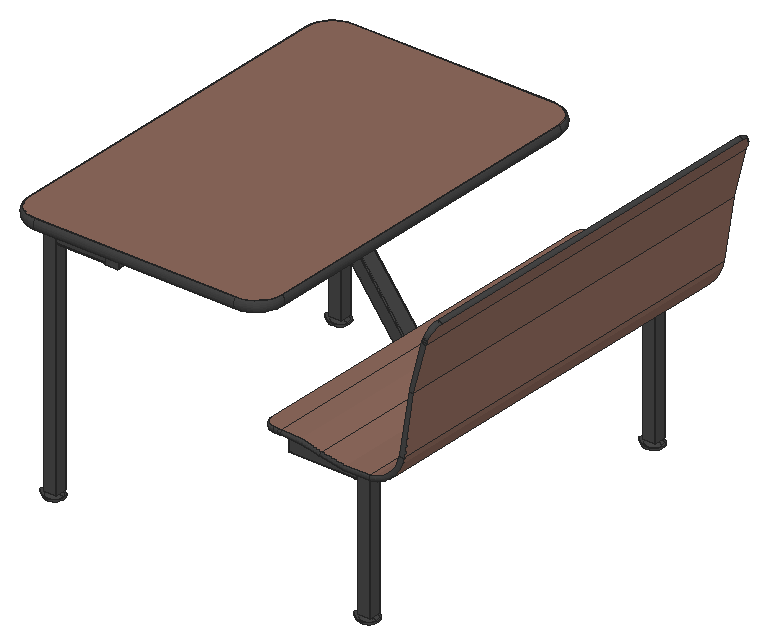
Revit family "Plymold-Contour-ADA_Island_Unit", category Furniture, Revit 2022
Family settings
  OmniClass Number = 23.40.20.00
  OmniClass Title = General Furniture and Specialties
  Work Plane-Based = No
  Always vertical = Yes
  Cut with Voids When Loaded = No
  Render Appearance Source = Family Geometry
  Shared = No
  Room Calculation Point = No
Parameters (values of type "CBIS047VEADA")
  Width = 47"
  VE = yes
  URL = "https://plymold.com/"
  Type Comments = "Contour"  # constant formula
  Top Finish = PLY - Wood Mahogany
  TPD = no
  Sustainability = ""
  Support Finish = PLY - Onyx Black Powdercoat
  Seat Finish = PLY - Wood Mahogany
  Revit File Built By = "https://servex-us.com/servex-revit/"
  Product Documentation Link = "https://plymold.com/product/contour-ada-island-unit/"
  PVC = no
  Model = "CBIS047VEADA"
  Manufacturer = "Plymold"  # constant formula
  Keynote = "12500"  # constant formula
  Height = 36"
  Glide Finish = PLY - Plastic Black
  Frame Finish = PLY - Onyx Black Powdercoat
  Edge Finish = PLY - Plastic Black
  Description = "Contour Booth Unit w/Vinyl Edge Table Top - 47\"W x 50\"D x 36\"H"
  Depth = 50"
  Default Elevation = 0"
  DE = no
  Cap Finish = PLY - Plastic Black
  Assembly Code = "E2020200"
Reference planes (in)
  plane 1 "Center Front/Back": y = 0
  plane 2: z = 0
  plane 3 "Center Left/Right": x = 0
  plane 4: y = 23.5
  plane 5: y = -23.5
  plane 6: x = 50
  plane 7: x = 25
  plane 8: z = 30
  plane 9: z = 0.575
  plane 10: z = 28.75
  plane 11: z = 28.5
  plane 12: y = 21.75
  plane 13: y = -21.75
  plane 14: y = 8
  plane 15: y = -8
  plane 16: y = -10.5
  plane 17: y = 10.5
  plane 18: x = 31.662
  plane 19: y = -0.623
  plane 20: y = -0.75
  plane 21: z = 36
  plane 22: x = 31.592
  plane 23: y = -21.82
  plane 24: y = 21.82
Forms (in)
  Extrusion 1, solid, material "PLY - Onyx Black Powdercoat" <- "Frame Finish"
    sketch origin (0, 0, 0) x (1, 0, 0) y (0, 1, 0)
      loop
        arc (2.9365, 21.625) -> (2.89301, 21.60699) -> (2.875, 21.5635) r 0.0615
        line (2.875, 21.5635) -> (2.875, 20.18664)
        arc (2.875, 20.18664) -> (2.89305, 20.14305) -> (2.93664, 20.125) r 0.06164
        line (2.93664, 20.125) -> (4.31266, 20.125)
        arc (4.31266, 20.125) -> (4.35674, 20.14326) -> (4.375, 20.18734) r 0.06234
        line (4.375, 20.18734) -> (4.375, 21.56329)
        arc (4.375, 21.56329) -> (4.35693, 21.60693) -> (4.31329, 21.625) r 0.06171
        line (4.31329, 21.625) -> (2.9365, 21.625)
      loop
        line (2.9365, -21.625) -> (4.31329, -21.625)
        arc (4.31329, -21.625) -> (4.35693, -21.60693) -> (4.375, -21.56329) r 0.06171
        line (4.375, -21.56329) -> (4.375, -20.18734)
        arc (4.375, -20.18734) -> (4.35674, -20.14326) -> (4.31266, -20.125) r 0.06234
        line (4.31266, -20.125) -> (2.93664, -20.125)
        arc (2.93664, -20.125) -> (2.89305, -20.14305) -> (2.875, -20.18664) r 0.06164
        line (2.875, -20.18664) -> (2.875, -21.5635)
        arc (2.875, -21.5635) -> (2.89301, -21.60699) -> (2.9365, -21.625) r 0.0615
    from 0.575 to 28.5
  Extrusion 2, solid, material "PLY - Onyx Black Powdercoat" <- "Frame Finish"
    sketch origin (0, 0, 0) x (1, 0, 0) y (0, 1, 0)
      loop
        line (2.125, 18.375) -> (5.125, 18.375)
        arc (5.125, 18.375) -> (5.21339, 18.41161) -> (5.25, 18.5) r 0.125
        line (5.25, 18.5) -> (5.25, 21.5)
        arc (5.25, 21.5) -> (5.21339, 21.58839) -> (5.125, 21.625) r 0.125
        line (5.125, 21.625) -> (2.125, 21.625)
        arc (2.125, 21.625) -> (2.03661, 21.58839) -> (2, 21.5) r 0.125
        line (2, 21.5) -> (2, 18.5)
        arc (2, 18.5) -> (2.03661, 18.41161) -> (2.125, 18.375) r 0.125
      loop
        arc (2.125, -18.375) -> (2.03661, -18.41161) -> (2, -18.5) r 0.125
        line (2, -18.5) -> (2, -21.5)
        arc (2, -21.5) -> (2.03661, -21.58839) -> (2.125, -21.625) r 0.125
        line (2.125, -21.625) -> (5.125, -21.625)
        arc (5.125, -21.625) -> (5.21339, -21.58839) -> (5.25, -21.5) r 0.125
        line (5.25, -21.5) -> (5.25, -18.5)
        arc (5.25, -18.5) -> (5.21339, -18.41161) -> (5.125, -18.375) r 0.125
        line (5.125, -18.375) -> (2.125, -18.375)
    from 28.5 to 28.75
  Extrusion 3, solid, material "PLY - Onyx Black Powdercoat" <- "Frame Finish"
    sketch origin (0, 0, 0) x (1, 0, 0) y (0, 0, 1)
      loop
        arc (10.43626, 28.5) -> (10.39294, 28.48206) -> (10.375, 28.43874) r 0.06126
        line (10.375, 28.43874) -> (10.375, 27.06264)
        arc (10.375, 27.06264) -> (10.39335, 27.01835) -> (10.43764, 27) r 0.06264
        line (10.43764, 27) -> (11.81425, 27)
        arc (11.81425, 27) -> (11.85721, 27.01779) -> (11.875, 27.06075) r 0.06075
        line (11.875, 27.06075) -> (11.875, 28.43746)
        arc (11.875, 28.43746) -> (11.85668, 28.48168) -> (11.81246, 28.5) r 0.06254
        line (11.81246, 28.5) -> (10.43626, 28.5)
    from -21.75 to 21.75
  Extrusion 4, solid, material "PLY - Onyx Black Powdercoat" <- "Frame Finish"
    sketch origin (0, 0, 0) x (1, 0, 0) y (0, 0, 1)
      loop
        line (13.5095, 27.6345) -> (13.5095, 26.1345) -> (13.6365, 26.1345) -> (13.6365, 27.6345) -> (13.5095, 27.6345)
      loop
        line (19.3825, 27.6345) -> (19.3825, 26.1345) -> (19.5095, 26.1345) -> (19.5095, 27.6345) -> (19.3825, 27.6345)
    from -8 to 8
  Extrusion 5, solid, material "PLY - Onyx Black Powdercoat" <- "Frame Finish"
    sketch origin (0, 0, 0) x (1, 0, 0) y (0, 0, 1)
      loop
        line (19.5095, 26.1345) -> (19.644, 26.1345) -> (19.644, 28.35)
        arc (19.644, 28.35) -> (19.68793, 28.45607) -> (19.794, 28.5) r 0.15
        line (19.794, 28.5) -> (23.7295, 28.5) -> (23.7295, 28.6345) -> (19.794, 28.6345)
        arc (19.794, 28.6345) -> (19.59283, 28.55117) -> (19.5095, 28.35) r 0.2845
        line (19.5095, 28.35) -> (19.5095, 26.1345)
      loop
        line (13.5095, 26.1345) -> (13.5095, 28.35)
        arc (13.5095, 28.35) -> (13.42617, 28.55117) -> (13.225, 28.6345) r 0.2845
        line (13.225, 28.6345) -> (9.2895, 28.6345) -> (9.2895, 28.5) -> (13.225, 28.5)
        arc (13.225, 28.5) -> (13.33107, 28.45607) -> (13.375, 28.35) r 0.15
        line (13.375, 28.35) -> (13.375, 26.1345) -> (13.5095, 26.1345)
    from -10.5 to 10.5
  Extrusion 6, void
    sketch origin (0, 0, 0) x (0, 1, 0) y (0, 0, 1)
      loop
        arc (7.8661, 26.26293) -> (7.71072, 26.16771) -> (7.53154, 26.1345) r 0.5
        line (7.53154, 26.1345) -> (10.5, 26.1345) -> (10.5, 28.6345) -> (7.8661, 26.26293)
      loop
        line (-7.8661, 26.26293) -> (-10.5, 28.6345) -> (-10.5, 26.1345) -> (-7.53154, 26.1345)
        arc (-7.53154, 26.1345) -> (-7.71072, 26.16771) -> (-7.8661, 26.26293) r 0.5
    from 9.2895 to 23.7295
  Extrusion 7, solid, material "PLY - Onyx Black Powdercoat" <- "Frame Finish"
    sketch origin (0, 0, 0) x (0, 1, 0) y (0, 0, 1)
      loop
        line (6.0625, 27.6345) -> (4.9375, 27.6345)
        arc (4.9375, 27.6345) -> (4.80492, 27.57958) -> (4.75, 27.447) r 0.1875
        line (4.75, 27.447) -> (4.75, 26.322)
        arc (4.75, 26.322) -> (4.80492, 26.18942) -> (4.9375, 26.1345) r 0.1875
        line (4.9375, 26.1345) -> (6.0625, 26.1345)
        arc (6.0625, 26.1345) -> (6.19508, 26.18942) -> (6.25, 26.322) r 0.1875
        line (6.25, 26.322) -> (6.25, 27.447)
        arc (6.25, 27.447) -> (6.19508, 27.57958) -> (6.0625, 27.6345) r 0.1875
      loop
        arc (-6.0625, 27.6345) -> (-6.19508, 27.57958) -> (-6.25, 27.447) r 0.1875
        line (-6.25, 27.447) -> (-6.25, 26.322)
        arc (-6.25, 26.322) -> (-6.19508, 26.18942) -> (-6.0625, 26.1345) r 0.1875
        line (-6.0625, 26.1345) -> (-4.9375, 26.1345)
        arc (-4.9375, 26.1345) -> (-4.80492, 26.18942) -> (-4.75, 26.322) r 0.1875
        line (-4.75, 26.322) -> (-4.75, 27.447)
        arc (-4.75, 27.447) -> (-4.80492, 27.57958) -> (-4.9375, 27.6345) r 0.1875
        line (-4.9375, 27.6345) -> (-6.0625, 27.6345)
    from 13.6365 to 19.3825
  Sweep 8, solid, material "PLY - Onyx Black Powdercoat" <- "Frame Finish"
    path origin (0, 0, 0) x (1, 0, 0) y (0, 0, 1)
      loop
        line (17.58431, 28.75) -> (28.162, 14.71293) -> (39.662, 14.71293)
    profile origin (33.912, 0, 14.71293) x (0, 0, 1) y (0, -1, 0)
      loop
        line (0, 0.93443) -> (0, -0.93443)
        arc (0, -0.93443) -> (0.01931, -0.98105) -> (0.06594, -1.00035) r 0.06592
        line (0.06594, -1.00035) -> (1.4346, -1)
        arc (1.4346, -1) -> (1.48085, -0.98083) -> (1.5, -0.93458) r 0.06542
        line (1.5, -0.93458) -> (1.5, 0.93458)
        arc (1.5, 0.93458) -> (1.481, 0.98045) -> (1.43513, 0.99945) r 0.06487
        line (1.43513, 0.99945) -> (0.06502, 0.99945)
        arc (0.06502, 0.99945) -> (0.01904, 0.9804) -> (0, 0.93443) r 0.06502
  Extrusion 9, void
    sketch origin (0, 0, 0) x (1, 0, 0) y (0, 0, 1)
      loop
        line (19.62838, 26.1345) -> (19.62838, 30) -> (17.26721, 30) -> (17.26721, 26.1345) -> (19.62838, 26.1345)
    from -8 to 8
  Extrusion 10, solid, material "PLY - Onyx Black Powdercoat" <- "Frame Finish"
    sketch origin (0, 0, 0) x (1, 0, 0) y (0, 1, 0)
      loop
        arc (39.72794, 21.625) -> (39.68131, 21.60569) -> (39.662, 21.55906) r 0.06594
        line (39.662, 21.55906) -> (39.662, 20.19115)
        arc (39.662, 20.19115) -> (39.68137, 20.14437) -> (39.72815, 20.125) r 0.06615
        line (39.72815, 20.125) -> (41.09678, 20.125)
        arc (41.09678, 20.125) -> (41.1429, 20.1441) -> (41.162, 20.19022) r 0.06522
        line (41.162, 20.19022) -> (41.162, 21.56125)
        arc (41.162, 21.56125) -> (41.14333, 21.60633) -> (41.09825, 21.625) r 0.06375
        line (41.09825, 21.625) -> (39.72794, 21.625)
      loop
        line (39.72794, -21.625) -> (41.09825, -21.625)
        arc (41.09825, -21.625) -> (41.14333, -21.60633) -> (41.162, -21.56125) r 0.06375
        line (41.162, -21.56125) -> (41.162, -20.19022)
        arc (41.162, -20.19022) -> (41.1429, -20.1441) -> (41.09678, -20.125) r 0.06522
        line (41.09678, -20.125) -> (39.72815, -20.125)
        arc (39.72815, -20.125) -> (39.68137, -20.14437) -> (39.662, -20.19115) r 0.06615
        line (39.662, -20.19115) -> (39.662, -21.55906)
        arc (39.662, -21.55906) -> (39.68131, -21.60569) -> (39.72794, -21.625) r 0.06594
    from 0.575 to 16.21293
  Extrusion 11, solid, material "PLY - Onyx Black Powdercoat" <- "Frame Finish"
    sketch origin (0, 0, 0) x (1, 0, 0) y (0, 0, 1)
      loop
        arc (39.72837, 16.21293) -> (39.68144, 16.19349) -> (39.662, 16.14655) r 0.06637
        line (39.662, 16.14655) -> (39.662, 14.77758)
        arc (39.662, 14.77758) -> (39.68094, 14.73186) -> (39.72665, 14.71293) r 0.06465
        line (39.72665, 14.71293) -> (41.09532, 14.71293)
        arc (41.09532, 14.71293) -> (41.14247, 14.73246) -> (41.162, 14.77961) r 0.06668
        line (41.162, 14.77961) -> (41.162, 16.14745)
        arc (41.162, 16.14745) -> (41.14282, 16.19375) -> (41.09653, 16.21293) r 0.06547
        line (41.09653, 16.21293) -> (39.72837, 16.21293)
      loop
        arc (32.04087, 16.21293) -> (31.99394, 16.19349) -> (31.9745, 16.14655) r 0.06637
        line (31.9745, 16.14655) -> (31.9745, 14.77758)
        arc (31.9745, 14.77758) -> (31.99344, 14.73186) -> (32.03915, 14.71293) r 0.06465
        line (32.03915, 14.71293) -> (33.40782, 14.71293)
        arc (33.40782, 14.71293) -> (33.45497, 14.73246) -> (33.4745, 14.77961) r 0.06668
        line (33.4745, 14.77961) -> (33.4745, 16.14745)
        arc (33.4745, 16.14745) -> (33.45532, 16.19375) -> (33.40903, 16.21293) r 0.06547
        line (33.40903, 16.21293) -> (32.04087, 16.21293)
    from -20.125 to 20.125
  Extrusion 12, solid, material "PLY - Onyx Black Powdercoat" <- "Frame Finish"
    sketch origin (0, 0, 0) x (0, 1, 0) y (0, 0, 1)
      loop
        line (21.55941, 16.21293) -> (20.19036, 16.21293)
        arc (20.19036, 16.21293) -> (20.14414, 16.19379) -> (20.125, 16.14757) r 0.06536
        line (20.125, 16.14757) -> (20.125, 14.77807)
        arc (20.125, 14.77807) -> (20.14408, 14.73201) -> (20.19014, 14.71293) r 0.06514
        line (20.19014, 14.71293) -> (21.55883, 14.71293)
        arc (21.55883, 14.71293) -> (21.60562, 14.73231) -> (21.625, 14.7791) r 0.06617
        line (21.625, 14.7791) -> (21.625, 16.14734)
        arc (21.625, 16.14734) -> (21.60579, 16.19372) -> (21.55941, 16.21293) r 0.06559
      loop
        arc (-21.55941, 16.21293) -> (-21.60579, 16.19372) -> (-21.625, 16.14734) r 0.06559
        line (-21.625, 16.14734) -> (-21.625, 14.7791)
        arc (-21.625, 14.7791) -> (-21.60562, 14.73231) -> (-21.55883, 14.71293) r 0.06617
        line (-21.55883, 14.71293) -> (-20.19014, 14.71293)
        arc (-20.19014, 14.71293) -> (-20.14408, 14.73201) -> (-20.125, 14.77807) r 0.06514
        line (-20.125, 14.77807) -> (-20.125, 16.14757)
        arc (-20.125, 16.14757) -> (-20.14414, 16.19379) -> (-20.19036, 16.21293) r 0.06536
        line (-20.19036, 16.21293) -> (-21.55941, 16.21293)
    from 31.662 to 39.662
  Extrusion 13, solid, material "PLY - Onyx Black Powdercoat" <- "Frame Finish"
    sketch origin (0, 0, 0) x (0, 1, 0) y (0, 0, 1)
      loop
        arc (20.1875, 28.5) -> (20.14331, 28.48169) -> (20.125, 28.4375) r 0.0625
        line (20.125, 28.4375) -> (20.125, 27.0625)
        arc (20.125, 27.0625) -> (20.14331, 27.01831) -> (20.1875, 27) r 0.0625
        line (20.1875, 27) -> (21.5625, 27)
        arc (21.5625, 27) -> (21.60669, 27.01831) -> (21.625, 27.0625) r 0.0625
        line (21.625, 27.0625) -> (21.625, 28.4375)
        arc (21.625, 28.4375) -> (21.60669, 28.48169) -> (21.5625, 28.5) r 0.0625
        line (21.5625, 28.5) -> (20.1875, 28.5)
      loop
        line (-20.1875, 28.5) -> (-21.5625, 28.5)
        arc (-21.5625, 28.5) -> (-21.60669, 28.48169) -> (-21.625, 28.4375) r 0.0625
        line (-21.625, 28.4375) -> (-21.625, 27.0625)
        arc (-21.625, 27.0625) -> (-21.60669, 27.01831) -> (-21.5625, 27) r 0.0625
        line (-21.5625, 27) -> (-20.1875, 27)
        arc (-20.1875, 27) -> (-20.14331, 27.01831) -> (-20.125, 27.0625) r 0.0625
        line (-20.125, 27.0625) -> (-20.125, 28.4375)
        arc (-20.125, 28.4375) -> (-20.14331, 28.48169) -> (-20.1875, 28.5) r 0.0625
    from 4.375 to 10.375
  Extrusion 14, solid, material "PLY - Onyx Black Powdercoat" <- "Frame Finish"
    sketch origin (0, 0, 0) x (1, 0, 0) y (0, 0, 1)
      loop
        line (21.36768, 26.22176) -> (21.36768, 28.5) -> (19.6509, 28.5) -> (21.36768, 26.22176)
    from 0.623 to 0.75
  Extrusion 15, solid, material "PLY - Plastic Black" <- "Cap Finish"
    sketch origin (0, 0, 0) x (0, 1, 0) y (0, 0, 1)
      loop
        line (21.525, 16.21293) -> (20.225, 16.21293)
        arc (20.225, 16.21293) -> (20.15429, 16.18364) -> (20.125, 16.11293) r 0.1
        line (20.125, 16.11293) -> (20.125, 14.81293)
        arc (20.125, 14.81293) -> (20.15429, 14.74222) -> (20.225, 14.71293) r 0.1
        line (20.225, 14.71293) -> (21.525, 14.71293)
        arc (21.525, 14.71293) -> (21.59571, 14.74222) -> (21.625, 14.81293) r 0.1
        line (21.625, 14.81293) -> (21.625, 16.11293)
        arc (21.625, 16.11293) -> (21.59571, 16.18364) -> (21.525, 16.21293) r 0.1
      loop
        arc (-21.525, 16.21293) -> (-21.59571, 16.18364) -> (-21.625, 16.11293) r 0.1
        line (-21.625, 16.11293) -> (-21.625, 14.81293)
        arc (-21.625, 14.81293) -> (-21.59571, 14.74222) -> (-21.525, 14.71293) r 0.1
        line (-21.525, 14.71293) -> (-20.225, 14.71293)
        arc (-20.225, 14.71293) -> (-20.15429, 14.74222) -> (-20.125, 14.81293) r 0.1
        line (-20.125, 14.81293) -> (-20.125, 16.11293)
        arc (-20.125, 16.11293) -> (-20.15429, 16.18364) -> (-20.225, 16.21293) r 0.1
        line (-20.225, 16.21293) -> (-21.525, 16.21293)
    from 31.592 to 31.662
  Extrusion 16, solid, material "PLY - Plastic Black" <- "Cap Finish"
    sketch origin (0, 0, 0) x (1, 0, 0) y (0, 0, 1)
      loop
        arc (10.475, 28.5) -> (10.40429, 28.47071) -> (10.375, 28.4) r 0.1
        line (10.375, 28.4) -> (10.375, 27.1)
        arc (10.375, 27.1) -> (10.40429, 27.02929) -> (10.475, 27) r 0.1
        line (10.475, 27) -> (11.775, 27)
        arc (11.775, 27) -> (11.84571, 27.02929) -> (11.875, 27.1) r 0.1
        line (11.875, 27.1) -> (11.875, 28.4)
        arc (11.875, 28.4) -> (11.84571, 28.47071) -> (11.775, 28.5) r 0.1
        line (11.775, 28.5) -> (10.475, 28.5)
    from 21.82 to 21.75
  Extrusion 17, solid, material "PLY - Plastic Black" <- "Cap Finish"
    sketch origin (0, 0, 0) x (1, 0, 0) y (0, 0, -1)
      loop
        line (10.475, -28.5) -> (11.775, -28.5)
        arc (11.775, -28.5) -> (11.84571, -28.47071) -> (11.875, -28.4) r 0.1
        line (11.875, -28.4) -> (11.875, -27.1)
        arc (11.875, -27.1) -> (11.84571, -27.02929) -> (11.775, -27) r 0.1
        line (11.775, -27) -> (10.475, -27)
        arc (10.475, -27) -> (10.40429, -27.02929) -> (10.375, -27.1) r 0.1
        line (10.375, -27.1) -> (10.375, -28.4)
        arc (10.375, -28.4) -> (10.40429, -28.47071) -> (10.475, -28.5) r 0.1
    from 19.32 to 21.75
Cuts and joins
  Extrusion 6 cuts Extrusion 5
  Extrusion 9 cuts Sweep 8
Lines and regions (in)
  symbolic lines, style "FurnitureHiddenLines", detail levels medium+fine
    curve 1: line (2.875, 21.625, 0) -> (11.875, 21.625, 0)
    curve 2: line (11.875, 21.625, 0) -> (11.875, -21.625, 0)
    curve 3: line (2.875, 21.625, 0) -> (2.875, 20.125, 0)
    curve 4: line (2.875, 20.125, 0) -> (10.375, 20.125, 0)
    curve 5: line (10.375, 20.125, 0) -> (10.375, -20.125, 0)
    curve 6: line (10.375, -20.125, 0) -> (2.875, -20.125, 0)
    curve 7: line (2.875, -20.125, 0) -> (2.875, -21.5635, 0)
    curve 8: line (2.875, -21.5635, 0) -> (2.9365, -21.625, 0)
    curve 9: line (2.9365, -21.625, 0) -> (11.875, -21.625, 0)
    curve 10: line (31.9745, 21.625, 0) -> (41.162, 21.625, 0)
    curve 11: line (31.9745, -21.625, 0) -> (31.9745, 21.625, 0)
    curve 12: line (41.162, -21.625, 0) -> (31.9745, -21.625, 0)
    curve 13: line (41.162, 21.625, 0) -> (41.162, -21.625, 0)
    curve 14: line (33.4745, 20.125, 0) -> (33.4745, -20.125, 0)
    curve 15: line (33.4745, -20.125, 0) -> (39.662, -20.125, 0)
    curve 16: line (39.662, -20.125, 0) -> (39.662, 20.125, 0)
    curve 17: line (39.662, 20.125, 0) -> (33.4745, 20.125, 0)
    curve 18: line (39.662, 0.9978, 0) -> (11.875, 0.9978, 0)
    curve 19: line (39.662, -0.99945, 0) -> (11.875, -0.99945, 0)
Dimensions and locks (in)
  "Depth": plane 3 "Center Left/Right" to plane 6
  equal spacing: plane 4, plane 1 "Center Front/Back", plane 5
  "Width": plane 4 to plane 5
  equal spacing: plane 3 "Center Left/Right", plane 7, plane 6
  locked: plane 8 to plane 2 at 30
  locked: plane 9 to plane 2 at 0.575
  plane 8 to plane 10 to plane 11 = 1 1/4" locked, 1/4" locked
  Extrusion 3 sketch curve to Extrusion 3 sketch curve to plane 3 "Center Left/Right" = 1.3762" locked, 10.43626" locked
  Extrusion 3 sketch curve to Extrusion 3 sketch curve to plane 3 "Center Left/Right" = 1.37662", 10.43764" locked
  Extrusion 3 sketch curve to Extrusion 3 sketch curve to plane 2 = 1.37611" locked, 27.06264" locked
  Extrusion 3 sketch curve to Extrusion 3 sketch curve to plane 2 = 1.37671" locked, 27.06075" locked
  Extrusion 1 sketch curve to Extrusion 1 sketch curve to plane 5 = 1.37686" locked, 1.9365" locked
  plane 5 to Extrusion 1 sketch curve to Extrusion 1 sketch curve = 1.93671", 1.37595"
  Extrusion 1 sketch curve to Extrusion 1 sketch curve to plane 3 "Center Left/Right" = 1.37601" locked, 2.93664" locked
  Extrusion 1 sketch curve to Extrusion 1 sketch curve to plane 3 "Center Left/Right" = 1.3768" locked, 2.9365" locked
  Extrusion 1 sketch curve to Extrusion 1 sketch curve to plane 4 = 1.37686" locked, 1.9365" locked
  Extrusion 1 sketch curve to Extrusion 1 sketch curve to plane 4 = 1.37595" locked, 1.93671" locked
  plane 3 "Center Left/Right" to Extrusion 1 sketch curve to Extrusion 1 sketch curve = 2.9365" locked, 1.3768" locked
  plane 3 "Center Left/Right" to Extrusion 1 sketch curve to Extrusion 1 sketch curve = 2.93664" locked, 1.37601" locked
  Extrusion 2 sketch curve to Extrusion 2 sketch curve to plane 4 = 3" locked, 2" locked  (x2)
  plane 3 "Center Left/Right" to Extrusion 2 sketch curve to Extrusion 2 sketch curve = 2 1/8" locked, 3" locked  (x3)
  Extrusion 2 sketch curve to Extrusion 2 sketch curve to plane 5 = 3" locked, 2" locked
  plane 5 to Extrusion 2 sketch curve to Extrusion 2 sketch curve = 2" locked, 3" locked
  Extrusion 2 sketch curve to Extrusion 2 sketch curve to plane 3 "Center Left/Right" = 3" locked, 2 1/8" locked
  plane 8 to Extrusion 4 sketch curve to Extrusion 4 sketch curve = 2.3655" locked, 1 1/2" locked  (x2)
  Extrusion 4 sketch curve to Extrusion 4 sketch curve to Extrusion 4 sketch curve to Extrusion 4 sketch curve to plane 3 "Center Left/Right" = 0.127" locked, 5.746" locked, 0.127" locked, 13.5095" locked
  plane 8 to Extrusion 5 sketch curve to Extrusion 5 sketch curve to Extrusion 5 sketch curve = 1.65" locked, 0" locked, 2.2155" locked  (x2)
  Extrusion 5 sketch curve to Extrusion 5 sketch curve to Extrusion 5 sketch curve to plane 7 = 3.9355" locked, 0" locked, 11.775" locked
  Extrusion 5 sketch curve to Extrusion 5 sketch curve to Extrusion 5 sketch curve to plane 7 = 0" locked, 3.9355" locked, 1.2705" locked
  plane 4 to plane 17 to plane 14 = 13" locked, 2 1/2" locked
  plane 15 to plane 16 to plane 5 = 2 1/2" locked, 13" locked
  locked: plane 17 to Extrusion 6 sketch curve at 2.96846
  locked: Extrusion 6 sketch curve to plane 16 at 2.96846
  locked: plane 8 to Extrusion 6 sketch curve at 3.3655  (x2)
  Extrusion 7 sketch curve to Extrusion 7 sketch curve to plane 15 = 1 1/8" locked, 1 15/16" locked  (x2)
  plane 2 to Extrusion 7 sketch curve to Extrusion 7 sketch curve = 26.322" locked, 1 1/8" locked
  Extrusion 7 sketch curve to Extrusion 7 sketch curve to plane 2 = 1 1/8" locked, 26.322" locked  (x3)
  plane 17 to Extrusion 7 sketch curve to Extrusion 7 sketch curve = 4 7/16" locked, 1 1/8" locked  (x2)
  Sweep 8 sketch curve to Sweep 8 sketch curve to plane 2 = 1.36866" locked, 14.77885" locked
  Sweep 8 sketch curve to Sweep 8 sketch curve to plane 2 = 1.37011" locked, 14.77795" locked
  equal spacing: Sweep 8 sketch curve, plane 1 "Center Front/Back", Sweep 8 sketch curve, locked at 0.93458 each
  equal spacing: Sweep 8 sketch curve, plane 1 "Center Front/Back", Sweep 8 sketch curve, locked at 0.93443 each
  locked: Extrusion 9 sketch curve to plane 2 at 26.1345
  plane 7 to Extrusion 9 sketch curve to Extrusion 9 sketch curve = 5.37162", 2.36116"
  Extrusion 11 sketch curve to Extrusion 11 sketch curve to Extrusion 11 sketch curve to Extrusion 11 sketch curve to plane 6 = 1.36815" locked, 6.31935" locked, 1.36815" locked, 8.90347" locked
  Extrusion 11 sketch curve to Extrusion 11 sketch curve to Extrusion 11 sketch curve to Extrusion 11 sketch curve to plane 6 = 1.36867" locked, 6.31883" locked, 1.36867" locked, 8.90468" locked
  Extrusion 11 sketch curve to Extrusion 11 sketch curve to plane 2 = 1.36898" locked, 14.77758" locked  (x2)
  Extrusion 11 sketch curve to Extrusion 11 sketch curve to plane 2 = 1.36784" locked, 14.77961" locked  (x2)
  plane 7 to Extrusion 10 sketch curve to Extrusion 10 sketch curve = 14.72794" locked, 1.37032" locked  (x2)
  plane 7 to Extrusion 10 sketch curve to Extrusion 10 sketch curve = 14.72815" locked, 1.36864" locked
  Extrusion 10 sketch curve to Extrusion 10 sketch curve to plane 4 = 1.37104" locked, 1.93875" locked
  Extrusion 10 sketch curve to Extrusion 10 sketch curve to plane 4 = 1.36792" locked, 1.94094" locked
  Extrusion 10 sketch curve to Extrusion 10 sketch curve to plane 7 = 1.36864" locked, 14.72815" locked
  Extrusion 10 sketch curve to Extrusion 10 sketch curve to plane 5 = 1.36792" locked, 1.94094" locked
  Extrusion 10 sketch curve to Extrusion 10 sketch curve to plane 5 = 1.37104" locked, 1.93875" locked
  plane 4 to Extrusion 13 sketch curve to Extrusion 13 sketch curve = 1 15/16" locked, 1 3/8" locked  (x2)
  Extrusion 13 sketch curve to Extrusion 13 sketch curve to plane 2 = 1 3/8" locked, 27 1/16" locked  (x4)
  Extrusion 13 sketch curve to Extrusion 13 sketch curve to plane 5 = 1 3/8" locked, 1 15/16" locked  (x2)
  locked: plane 3 "Center Left/Right" to nested 5 at 3.62465
  locked: plane 5 to nested 5 at 2.62493
  locked: plane 3 "Center Left/Right" to nested 6 at 3.62465
  locked: nested 6 to plane 4 at 2.62493
  locked: nested 8 to plane 6 at 9.5869
  locked: plane 5 to nested 8 at 2.62426
  locked: nested 7 to plane 6 at 9.5869
  locked: nested 7 to plane 4 at 2.62426
  plane 1 "Center Front/Back" to plane 19 to plane 20 = 0.623" locked, 0.127" locked
  "Height": plane 21 to plane 2
  locked: plane 4 to nested 3 at 12.3125
  locked: nested 2 to plane 5 at 12.3125
  plane 18 to plane 22 to plane 7 = 0.07" locked, 6.592" locked
  Extrusion 12 sketch curve to Extrusion 12 sketch curve to plane 4 = 1.36905" locked, 1.94059" locked
  plane 4 to Extrusion 12 sketch curve to Extrusion 12 sketch curve = 1.94117" locked, 1.36869" locked
  Extrusion 12 sketch curve to Extrusion 12 sketch curve to plane 2 = 1.36824" locked, 14.7791" locked  (x2)
  Extrusion 12 sketch curve to Extrusion 12 sketch curve to plane 2 = 1.3695" locked, 14.77807" locked  (x2)
  Extrusion 12 sketch curve to Extrusion 12 sketch curve to plane 5 = 1.36905" locked, 1.94059" locked
  Extrusion 12 sketch curve to Extrusion 12 sketch curve to plane 5 = 1.36869" locked, 1.94117" locked
  Extrusion 15 sketch curve to Extrusion 15 sketch curve to plane 4 = 1.3" locked, 1.975" locked
  plane 4 to Extrusion 15 sketch curve to Extrusion 15 sketch curve = 1.975" locked, 1.3" locked
  Extrusion 15 sketch curve to Extrusion 15 sketch curve to plane 2 = 1.3" locked, 14.81293" locked  (x4)
  Extrusion 15 sketch curve to Extrusion 15 sketch curve to plane 5 = 1.3" locked, 1.975" locked  (x2)
  plane 13 to plane 23 to plane 5 = 0.07" locked, 1.68" locked
  plane 4 to plane 24 to plane 12 = 1.68" locked, 0.07" locked
  plane 3 "Center Left/Right" to Extrusion 16 sketch curve to Extrusion 16 sketch curve = 10.475" locked, 1.3" locked
  Extrusion 16 sketch curve to Extrusion 16 sketch curve to plane 3 "Center Left/Right" = 1.3" locked, 10.475" locked
  Extrusion 16 sketch curve to Extrusion 16 sketch curve to plane 2 = 1.3" locked, 27.1" locked  (x2)
  Extrusion 17 sketch curve to Extrusion 17 sketch curve to plane 2 = 1.3" locked, 27.1" locked  (x2)
  Extrusion 17 sketch curve to Extrusion 17 sketch curve to plane 3 "Center Left/Right" = 1.3" locked, 10.475" locked  (x2)
  aligned and locked: plane 2 to level
  aligned and locked: nested 1 to plane 3 "Center Left/Right"
  aligned and locked: nested 1 to plane 1 "Center Front/Back"
  aligned and locked: plane 8 to nested 1
  aligned and locked: Extrusion 1 to plane 9
  aligned and locked: Extrusion 2 to plane 10
  aligned and locked: plane 11 to Extrusion 2
  aligned and locked: Extrusion 1 to plane 11
  aligned and locked: plane 13 to Extrusion 3
  aligned and locked: plane 12 to Extrusion 3
  aligned and locked: plane 14 to Extrusion 4
  aligned and locked: plane 15 to Extrusion 4
  aligned and locked: plane 16 to Extrusion 5
  aligned and locked: plane 17 to Extrusion 5
  aligned and locked: plane 17 to Extrusion 6 sketch curve
  aligned and locked: Extrusion 6 sketch curve to plane 16
  aligned and locked: Extrusion 6 to Extrusion 5  (x2)
  aligned and locked: Extrusion 7 to Extrusion 4  (x2)
  aligned and locked: Extrusion 9 sketch curve to plane 8
  aligned and locked: plane 14 to Extrusion 9
  aligned and locked: plane 15 to Extrusion 9
  aligned and locked: Extrusion 10 to plane 9
  aligned and locked: Extrusion 10 to Extrusion 11
  aligned and locked: Extrusion 11 to Extrusion 1
  aligned and locked: Extrusion 11 to Extrusion 10
  aligned and locked: Extrusion 12 to plane 18
  aligned and locked: Extrusion 13 to Extrusion 3
  aligned and locked: Extrusion 13 to Extrusion 1
  aligned and locked: plane 1 "Center Front/Back" to nested 4
  aligned and locked: plane 19 to Extrusion 14
  aligned and locked: plane 20 to Extrusion 14
  aligned and locked: plane 18 to Extrusion 15
  aligned and locked: plane 22 to Extrusion 15
  aligned and locked: Extrusion 17 to plane 12
  aligned and locked: Extrusion 16 to plane 13
  aligned and locked: Extrusion 16 to plane 23
  aligned and locked: curve 1 to Extrusion 13
Automatic sketch dimensions
  Extrusion 1 sketch curve to Extrusion 1 sketch curve = 0.06164"  (x2)
  Extrusion 2 sketch curve to Extrusion 2 sketch curve = 1/8"  (x2)
  Extrusion 3 sketch curve to plane 11 = 0"
  Extrusion 5 sketch curve to plane 11 = 0"  (x2)
  Extrusion 5 sketch curve to Extrusion 5 sketch curve = 0.1345"  (x2)
  Extrusion 6 sketch curve to plane 15 = 0.1339"
  Extrusion 6 sketch curve to plane 14 = 0.1339"
  Extrusion 6 sketch curve to Extrusion 6 sketch curve = 0.37157"  (x2)
  Extrusion 7 sketch curve to Extrusion 7 sketch curve = 3/16"  (x2)
  Sweep 8 sketch curve to plane 10 = 0"
  plane 7 to Sweep 8 sketch curve = 3.162"
  plane 11 to Sweep 8 sketch curve = 13.78707"
  Sweep 8 sketch curve to plane 7 = 7.41569"
  plane 18 to Sweep 8 sketch curve = 8"
  profile plane to Sweep 8 sketch curve = 0"
  Sweep 8 sketch curve to profile plane = 1"
  Sweep 8 sketch curve to Sweep 8 sketch curve = 0"
  Extrusion 10 sketch curve to Extrusion 10 sketch curve = 0.06615"  (x2)
  Extrusion 11 sketch curve to Extrusion 11 sketch curve = 0.06637"
  Extrusion 11 sketch curve to Extrusion 11 sketch curve = 0.06465"
  Extrusion 12 sketch curve to Extrusion 12 sketch curve = 0.06559"
  Extrusion 12 sketch curve to Extrusion 12 sketch curve = 0.06514"
  plane 11 to Extrusion 13 sketch curve = 0"  (x2)
  Extrusion 14 sketch curve to plane 11 = 0"
  Extrusion 14 sketch curve to plane 7 = 5.3491"
  Extrusion 14 sketch curve to Extrusion 14 sketch curve = 1.71678"
  plane 11 to Extrusion 14 sketch curve = 2.27824"
  Extrusion 15 sketch curve to Extrusion 15 sketch curve = 0.1"  (x2)
  Extrusion 16 sketch curve to plane 11 = 0"
  Extrusion 17 sketch curve to plane 11 = 0"
  plane 3 "Center Left/Right" to curve 1 = 2 7/8"
  plane 3 "Center Left/Right" to curve 7 = 2 7/8"
  curve 7 to curve 9 = 0.0615"
  curve 5 to plane 13 = 1 5/8"
  curve 6 to curve 5 = 7 1/2"
  curve 2 to plane 13 = 1/8"
  curve 5 to curve 2 = 1 1/2"
  curve 11 to plane 12 = 1/8"
  plane 18 to curve 11 = 5/16"
  plane 18 to curve 15 = 1 13/16"
  curve 15 to plane 13 = 1 5/8"
  curve 14 to curve 15 = 6 3/16"
  curve 16 to curve 13 = 1 1/2"
  curve 11 to plane 13 = 1/8"
  curve 8 to curve 8 = 0.0615"
  curve 5 to plane 12 = 1 5/8"
  curve 17 to plane 12 = 1 5/8"
  plane 20 to curve 19 = 0.24945"
  curve 18 to plane 1 "Center Front/Back" = 0.9978"
Nested families (in)
  nested 1: "PLM-Cafeteria_Top" at (15, 0, 30) x (0, 1, 0) z (0, 0, 1), W <- "Width", DE <- "DE", TPD <- "TPD", VE <- "VE", PVC <- "PVC", Edge Finish <- "Edge Finish", Top Finish <- "Top Finish", type "PLM-Cafeteria_Top"
    with W 47", VE-void 1 3/4", VE yes, Top Finish PLY - Wood Mahogany, TPD-void 1/8", TPD no, PVC-void 1/8", PVC no, Edge Finish PLY - Plastic Black, DE-void 1/8", DE no, D 30"
  nested 2: "Support" at (30.39241, -11.1875, 0.01726) x (0, -1, 0) z (0, 0, 1), Support Finish <- "Support Finish", type "Support"
    with Support Finish PLY - Onyx Black Powdercoat
  nested 3: "Support" at (30.39241, 11.1875, 0.01726) x (0, 1, 0) z (0, 0, 1), Support Finish <- "Support Finish", type "Support"
    with Support Finish PLY - Onyx Black Powdercoat
  nested 4: "Seat" at (40.13226, 0, 0.1875) x (0, -1, 0) z (0, 0, 1), Width <- "Width", Seat Finish <- "Seat Finish", type "Seat"
    with Width 47", Seat Finish PLY - Wood Mahogany
  nested 5: "Glide" at (3.62465, -20.87507, 0), Glides Finish <- "Glide Finish", type "Glide"
    with Glides Finish PLY - Plastic Black
  nested 6: "Glide" at (3.62465, 20.87507, 0), Glides Finish <- "Glide Finish", type "Glide"
    with Glides Finish PLY - Plastic Black
  nested 7: "Glide" at (40.4131, 20.87574, 0), Glides Finish <- "Glide Finish", type "Glide"
    with Glides Finish PLY - Plastic Black
  nested 8: "Glide" at (40.4131, -20.87574, 0), Glides Finish <- "Glide Finish", type "Glide"
    with Glides Finish PLY - Plastic Black
Definition of nested family "PLM-Cafeteria_Top"
  Parameters (values of type "PLM-Cafeteria_Top")
    W [instance] = 80"
    VE-void [instance] = if(VE, 1 3/4", 1/8")  # 1/8"
    VE [instance] = no
    Top Finish [instance] = none
    TPD-void [instance] = if(TPD, 1 3/4", 1/8")  # 1/8"
    TPD [instance] = no
    Revit Model Built By = "https://servex-us.com/servex-revit/"
    PVC-void [instance] = if(PVC, 1 3/4", 1/8")  # 1/8"
    PVC [instance] = no
    DE-void [instance] = if(DE, 1 3/4", 1/8")  # 1 3/4"
    DE [instance] = yes
    Edge Finish [instance] = none
    Default Elevation = 0"
    D [instance] = 30"
  Reference planes (in)
    plane 1 "Center (Front/Back)": y = 0
    plane 2: z = 0
    plane 3 "Center (Left/Right)": x = 0
    plane 4: x = -40
    plane 5: x = 40
    plane 6: y = 15
    plane 7: y = -15
    plane 8: z = -1.25
    plane 9: z = -1.5
  Forms (in)
    Extrusion 1, solid, material <- "Top Finish"
      sketch origin (0, 0, 0) x (1, 0, 0) y (0, 1, 0)
        loop
          line (-40, 15) -> (-40, -15) -> (40, -15) -> (40, 15) -> (-40, 15)
      from -1.25 to 0
    Sweep 2, solid, material <- "Edge Finish", visible <- "VE"
      path origin (0, 0, 0) x (1, 0, 0) y (0, 1, 0)
        loop
          arc (-36.75, 15) -> (-39.0481, 14.0481) -> (-40, 11.75) r 3.25
          line (-40, 11.75) -> (-40, -11.75)
          arc (-40, -11.75) -> (-39.0481, -14.0481) -> (-36.75, -15) r 3.25
          line (-36.75, -15) -> (36.75, -15)
          arc (36.75, -15) -> (39.0481, -14.0481) -> (40, -11.75) r 3.25
          line (40, -11.75) -> (40, 11.75)
          arc (40, 11.75) -> (39.0481, 14.0481) -> (36.75, 15) r 3.25
          line (36.75, 15) -> (-36.75, 15)
      profile origin (0, 15, 0) x (0, 1, 0) y (0, 0, 1)
        loop
          line (-0.25, 0) -> (-0.25, -1.25)
          arc (-0.25, -1.25) -> (0, -0.625) -> (-0.25, 0) r 0.90625
    Sweep 3, solid, material <- "Edge Finish", visible <- "TPD"
      path origin (0, 0, 0) x (1, 0, 0) y (0, 1, 0)
        loop
          arc (-39.5625, 15) -> (-39.87186, 14.87186) -> (-40, 14.5625) r 0.4375
          line (-40, 14.5625) -> (-40, -14.5625)
          arc (-40, -14.5625) -> (-39.87186, -14.87186) -> (-39.5625, -15) r 0.4375
          line (-39.5625, -15) -> (39.5625, -15)
          arc (39.5625, -15) -> (39.87186, -14.87186) -> (40, -14.5625) r 0.4375
          line (40, -14.5625) -> (40, 14.5625)
          arc (40, 14.5625) -> (39.87186, 14.87186) -> (39.5625, 15) r 0.4375
          line (39.5625, 15) -> (-39.5625, 15)
      profile origin (0, 15, 0) x (0, 1, 0) y (0, 0, 1)
        loop
          line (-0.1875, 0) -> (-0.1875, -1.25)
          arc (-0.1875, -1.25) -> (-0.05539, -1.19996) -> (0, -1.07) r 0.18015
          line (0, -1.07) -> (0, -0.18)
          arc (0, -0.18) -> (-0.05539, -0.05004) -> (-0.1875, 0) r 0.18015
    Extrusion 4, void
      sketch origin (0, 25.31884, -1.5) x (0, 1, 0) y (-1, 0, 0)
        loop
          line (-10.75634, 39.8125) -> (-39.88134, 39.8125)
          arc (-39.88134, 39.8125) -> (-40.05812, 39.73928) -> (-40.13134, 39.5625) r 0.25
          line (-40.13134, 39.5625) -> (-40.13134, -39.5625)
          arc (-40.13134, -39.5625) -> (-40.05812, -39.73928) -> (-39.88134, -39.8125) r 0.25
          line (-39.88134, -39.8125) -> (-10.75634, -39.8125)
          arc (-10.75634, -39.8125) -> (-10.57957, -39.73928) -> (-10.50634, -39.5625) r 0.25
          line (-10.50634, -39.5625) -> (-10.50634, 39.5625)
          arc (-10.50634, 39.5625) -> (-10.57957, 39.73928) -> (-10.75634, 39.8125) r 0.25
        loop
          line (-10.19384, 40.3125) -> (-40.63134, 40.3125) -> (-40.63134, -40.3125) -> (-10.19384, -40.3125) -> (-10.19384, 40.3125)
      from 0 to 0.125 <- "TPD-void"
    Extrusion 5, void
      sketch origin (0, 25.31884, -1.5) x (0, 1, 0) y (-1, 0, 0)
        loop
          line (-13.56884, 39.75) -> (-37.06884, 39.75)
          arc (-37.06884, 39.75) -> (-39.19016, 38.87132) -> (-40.06884, 36.75) r 3
          line (-40.06884, 36.75) -> (-40.06884, -36.75)
          arc (-40.06884, -36.75) -> (-39.19016, -38.87132) -> (-37.06884, -39.75) r 3
          line (-37.06884, -39.75) -> (-13.56884, -39.75)
          arc (-13.56884, -39.75) -> (-11.44752, -38.87132) -> (-10.56884, -36.75) r 3
          line (-10.56884, -36.75) -> (-10.56884, 36.75)
          arc (-10.56884, 36.75) -> (-11.44752, 38.87132) -> (-13.56884, 39.75) r 3
        loop
          line (-9.81884, 40.5) -> (-40.81884, 40.5) -> (-40.81884, -40.5) -> (-9.81884, -40.5) -> (-9.81884, 40.5)
      from 0 to 0.125 <- "VE-void"
    Sweep 6, solid, material <- "Edge Finish", visible <- "DE"
      path origin (0, 25.31884, -1.5) x (0, 1, 0) y (-1, 0, 0)
        loop
          arc (-10.31884, 38.5) -> (-10.75818, 39.56066) -> (-11.81884, 40) r 1.5
          line (-11.81884, 40) -> (-38.81884, 40)
          arc (-38.81884, 40) -> (-39.8795, 39.56066) -> (-40.31884, 38.5) r 1.5
          line (-40.31884, 38.5) -> (-40.31884, -38.5)
          arc (-40.31884, -38.5) -> (-39.8795, -39.56066) -> (-38.81884, -40) r 1.5
          line (-38.81884, -40) -> (-11.81884, -40)
          arc (-11.81884, -40) -> (-10.75818, -39.56066) -> (-10.31884, -38.5) r 1.5
          line (-10.31884, -38.5) -> (-10.31884, 38.5)
      profile origin (0, 15, -1.5) x (0, 1, 0) y (0, 0, 1)
        loop
          arc (0, 0.75) -> (-0.21967, 1.28033) -> (-0.75, 1.5) r 0.75
          line (-0.75, 1.5) -> (-0.94, 1.5) -> (-0.94, 0.25) -> (-0.25, 0.25)
          arc (-0.25, 0.25) -> (-0.07322, 0.32322) -> (0, 0.5) r 0.25
          line (0, 0.5) -> (0, 0.75)
    Extrusion 7, void
      sketch origin (0, 25.31884, -1.5) x (0, 1, 0) y (-1, 0, 0)
        loop
          line (-9.81884, 40.5) -> (-40.81884, 40.5) -> (-40.81884, -40.5) -> (-9.81884, -40.5) -> (-9.81884, 40.5)
        loop
          line (-11.81884, 39.06) -> (-38.81884, 39.06)
          arc (-38.81884, 39.06) -> (-39.21482, 38.89598) -> (-39.37884, 38.5) r 0.56
          line (-39.37884, 38.5) -> (-39.37884, -38.5)
          arc (-39.37884, -38.5) -> (-39.21482, -38.89598) -> (-38.81884, -39.06) r 0.56
          line (-38.81884, -39.06) -> (-11.81884, -39.06)
          arc (-11.81884, -39.06) -> (-11.42286, -38.89598) -> (-11.25884, -38.5) r 0.56
          line (-11.25884, -38.5) -> (-11.25884, 38.5)
          arc (-11.25884, 38.5) -> (-11.42286, 38.89598) -> (-11.81884, 39.06) r 0.56
      from 0 to 1.75 <- "DE-void"
    Sweep 8, solid, material <- "Edge Finish", visible <- "PVC"
      path origin (130, 0, 0) x (1, 0, 0) y (0, 1, 0)
        loop
          arc (-169.5625, 15) -> (-169.87186, 14.87186) -> (-170, 14.5625) r 0.4375
          line (-170, 14.5625) -> (-170, -14.5625)
          arc (-170, -14.5625) -> (-169.87186, -14.87186) -> (-169.5625, -15) r 0.4375
          line (-169.5625, -15) -> (-90.4375, -15)
          arc (-90.4375, -15) -> (-90.12814, -14.87186) -> (-90, -14.5625) r 0.4375
          line (-90, -14.5625) -> (-90, 14.5625)
          arc (-90, 14.5625) -> (-90.12814, 14.87186) -> (-90.4375, 15) r 0.4375
          line (-90.4375, 15) -> (-169.5625, 15)
      profile origin (0, 15, 0) x (0, 1, 0) y (0, 0, 1)
        loop
          line (-0.08, 0) -> (-0.08, -1.25)
          arc (-0.08, -1.25) -> (-0.02412, -1.23315) -> (0, -1.18) r 0.07063
          line (0, -1.18) -> (0, -0.07)
          arc (0, -0.07) -> (-0.02412, -0.01685) -> (-0.08, 0) r 0.07062
    Extrusion 9, void
      sketch origin (0, 25.31884, -1.5) x (0, 1, 0) y (-1, 0, 0)
        loop
          line (-10.75634, 39.92) -> (-39.88134, 39.92)
          arc (-39.88134, 39.92) -> (-40.13413, 39.81529) -> (-40.23884, 39.5625) r 0.3575
          line (-40.23884, 39.5625) -> (-40.23884, -39.5625)
          arc (-40.23884, -39.5625) -> (-40.13413, -39.81529) -> (-39.88134, -39.92) r 0.3575
          line (-39.88134, -39.92) -> (-10.75634, -39.92)
          arc (-10.75634, -39.92) -> (-10.50355, -39.81529) -> (-10.39884, -39.5625) r 0.3575
          line (-10.39884, -39.5625) -> (-10.39884, 39.5625)
          arc (-10.39884, 39.5625) -> (-10.50355, 39.81529) -> (-10.75634, 39.92) r 0.3575
        loop
          line (-10.08634, 40.3125) -> (-40.63134, 40.3125) -> (-40.63134, -40.3125) -> (-10.08634, -40.3125) -> (-10.08634, 40.3125)
      from 0 to 0.125 <- "PVC-void"
  Cuts and joins
    Extrusion 4, Extrusion 5, Extrusion 7, Extrusion 9 cuts Extrusion 1
  Lines and regions (in)
    symbolic lines, visible <- "TPD"
      curve 1: line (-39.5625, 15, -1.5) -> (39.5625, 15, -1.5)
      curve 2: line (-40, -14.5625, -1.5) -> (-40, 14.5625, -1.5)
      curve 3: line (39.5625, -15, -1.5) -> (-39.5625, -15, -1.5)
      curve 4: line (40, 14.5625, -1.5) -> (40, -14.5625, -1.5)
      curve 5: arc (-40, 14.5625, -1.5) -> (-39.87186, 14.87186, -1.5) -> (-39.5625, 15, -1.5) r 0.4375
      curve 6: arc (39.5625, 15, -1.5) -> (39.87186, 14.87186, -1.5) -> (40, 14.5625, -1.5) r 0.4375
      curve 7: arc (40, -14.5625, -1.5) -> (39.87186, -14.87186, -1.5) -> (39.5625, -15, -1.5) r 0.4375
      curve 8: arc (-39.5625, -15, -1.5) -> (-39.87186, -14.87186, -1.5) -> (-40, -14.5625, -1.5) r 0.4375
    symbolic lines, visible <- "DE"
      curve 9: line (38.5, 15, -1.5) -> (-38.5, 15, -1.5)
      curve 10: line (40, -13.5, -1.5) -> (40, 13.5, -1.5)
      curve 11: line (-38.5, -15, -1.5) -> (38.5, -15, -1.5)
      curve 12: line (-40, 13.5, -1.5) -> (-40, -13.5, -1.5)
      curve 13: arc (-38.5, 15, -1.5) -> (-39.56066, 14.56066, -1.5) -> (-40, 13.5, -1.5) r 1.5
      curve 14: arc (38.5, 15, -1.5) -> (39.56066, 14.56066, -1.5) -> (40, 13.5, -1.5) r 1.5
      curve 15: arc (40, -13.5, -1.5) -> (39.56066, -14.56066, -1.5) -> (38.5, -15, -1.5) r 1.5
      curve 16: arc (-38.5, -15, -1.5) -> (-39.56066, -14.56066, -1.5) -> (-40, -13.5, -1.5) r 1.5
    symbolic lines, visible <- "VE"
      curve 17: line (-36.75, 15, -1.5) -> (36.75, 15, -1.5)
      curve 18: line (-40, -11.75, -1.5) -> (-40, 11.75, -1.5)
      curve 19: line (36.75, -15, -1.5) -> (-36.75, -15, -1.5)
      curve 20: line (40, 11.75, -1.5) -> (40, -11.75, -1.5)
      curve 21: arc (-40, 11.75, -1.5) -> (-39.0481, 14.0481, -1.5) -> (-36.75, 15, -1.5) r 3.25
      curve 22: arc (36.75, 15, -1.5) -> (39.0481, 14.0481, -1.5) -> (40, 11.75, -1.5) r 3.25
      curve 23: arc (40, -11.75, -1.5) -> (39.0481, -14.0481, -1.5) -> (36.75, -15, -1.5) r 3.25
      curve 24: arc (-36.75, -15, -1.5) -> (-39.0481, -14.0481, -1.5) -> (-40, -11.75, -1.5) r 3.25
    symbolic lines, visible <- "PVC"
      curve 25: line (-39.5625, 15, -1.5) -> (39.5625, 15, -1.5)
      curve 26: line (-40, -14.5625, -1.5) -> (-40, 14.5625, -1.5)
      curve 27: line (39.5625, -15, -1.5) -> (-39.5625, -15, -1.5)
      curve 28: line (40, 14.5625, -1.5) -> (40, -14.5625, -1.5)
      curve 29: arc (-40, 14.5625, -1.5) -> (-39.87186, 14.87186, -1.5) -> (-39.5625, 15, -1.5) r 0.4375
      curve 30: arc (39.5625, 15, -1.5) -> (39.87186, 14.87186, -1.5) -> (40, 14.5625, -1.5) r 0.4375
      curve 31: arc (40, -14.5625, -1.5) -> (39.87186, -14.87186, -1.5) -> (39.5625, -15, -1.5) r 0.4375
      curve 32: arc (-39.5625, -15, -1.5) -> (-39.87186, -14.87186, -1.5) -> (-40, -14.5625, -1.5) r 0.4375
  Dimensions and locks (in)
    equal spacing: plane 4, plane 3 "Center (Left/Right)", plane 5
    equal spacing: plane 6, plane 1 "Center (Front/Back)", plane 7
    "D": plane 6 to plane 7
    "W": plane 4 to plane 5
    locked: profile plane to Sweep 2 sketch curve at 0.90625
    locked: plane 2 to plane 8 at 1.25
    locked: plane 4 to Sweep 3 sketch curve at 0.4375  (x2)
    locked: Sweep 3 sketch curve to plane 5 at 0.4375  (x2)
    locked: plane 2 to Sweep 3 sketch curve at 0.18
    locked: Sweep 3 sketch curve to plane 8 at 0.18
    locked: plane 6 to Sweep 3 sketch curve at 0.1875
    locked: plane 8 to plane 9 at 0.25
    locked: plane 4 to Extrusion 4 sketch curve at 0.4375  (x2)
    locked: Extrusion 4 sketch curve to plane 5 at 0.4375  (x2)
    locked: plane 4 to Extrusion 4 sketch curve at 0.1875
    locked: plane 6 to Extrusion 4 sketch curve at 0.1875
    locked: Extrusion 4 sketch curve to plane 7 at 0.1875
    locked: Extrusion 4 sketch curve to plane 5 at 0.1875
    locked: Extrusion 4 sketch curve to plane 4 at 0.3125
    locked: plane 5 to Extrusion 4 sketch curve at 0.3125
    Extrusion 4 sketch curve to plane 6 = 1/8"
    locked: plane 7 to Extrusion 4 sketch curve at 0.3125
    locked: Extrusion 4 sketch curve to Extrusion 4 sketch curve at 0.3125
    locked: Extrusion 5 sketch curve to plane 7 at 0.25
    locked: Extrusion 5 sketch curve to plane 5 at 0.25
    locked: plane 6 to Extrusion 5 sketch curve at 0.25
    locked: Extrusion 5 sketch curve to plane 4 at 0.5
    locked: plane 7 to Extrusion 5 sketch curve at 0.5
    locked: plane 5 to Extrusion 5 sketch curve at 0.5
    locked: Extrusion 7 sketch curve to plane 4 at 0.5
    locked: plane 5 to Extrusion 7 sketch curve at 0.5
    locked: plane 7 to Extrusion 7 sketch curve at 0.5
    locked: Extrusion 7 sketch curve to plane 6 at 0.5
    locked: plane 4 to Sweep 2 sketch curve at 3.25  (x2)
    locked: Sweep 2 sketch curve to plane 5 at 3.25  (x2)
    locked: plane 4 to Extrusion 5 sketch curve at 3.25
    locked: Extrusion 5 sketch curve to plane 5 at 3.25  (x2)
    plane 4 to Extrusion 5 sketch curve = 3 1/4"
    locked: plane 4 to Sweep 6 sketch curve at 1.5  (x2)
    locked: Sweep 6 sketch curve to plane 5 at 1.5  (x2)
    locked: plane 2 to Sweep 6 sketch curve at 0.75
    locked: Sweep 6 sketch curve to plane 8 at 0.25
    locked: plane 6 to Sweep 6 sketch curve at 0.75
    locked: plane 6 to Sweep 6 sketch curve at 0.94
    locked: plane 4 to curve 5 at 0.4375
    locked: plane 4 to curve 8 at 0.4375
    locked: curve 8 to plane 7 at 0.4375
    locked: plane 6 to curve 5 at 0.4375
    locked: curve 6 to plane 5 at 0.4375
    locked: curve 7 to plane 5 at 0.4375
    locked: curve 7 to plane 7 at 0.4375
    locked: plane 6 to curve 6 at 0.4375
    locked: curve 15 to plane 5 at 1.5
    locked: curve 15 to plane 7 at 1.5
    locked: plane 6 to curve 14 at 1.5
    locked: curve 14 to plane 5 at 1.5
    locked: plane 4 to curve 13 at 1.5
    locked: plane 6 to curve 13 at 1.5
    locked: curve 16 to plane 7 at 1.5
    locked: plane 4 to curve 16 at 1.5
    locked: plane 4 to curve 21 at 3.25
    locked: plane 6 to curve 21 at 3.25
    locked: curve 24 to plane 7 at 3.25
    locked: plane 4 to curve 24 at 3.25
    locked: curve 23 to plane 5 at 3.25
    locked: curve 23 to plane 7 at 3.25
    locked: plane 6 to curve 22 at 3.25
    locked: curve 22 to plane 5 at 3.25
    locked: plane 2 to Sweep 8 sketch curve at 0.07
    locked: Sweep 8 sketch curve to plane 8 at 0.07
    locked: Extrusion 9 sketch curve to Extrusion 9 sketch curve at 0.3125
    locked: plane 4 to Extrusion 9 sketch curve at 0.08
    locked: Extrusion 9 sketch curve to plane 4 at 0.3125
    locked: Extrusion 9 sketch curve to plane 7 at 0.08
    locked: plane 7 to Extrusion 9 sketch curve at 0.3125
    locked: Extrusion 9 sketch curve to plane 5 at 0.08
    locked: plane 5 to Extrusion 9 sketch curve at 0.3125
    locked: plane 6 to Extrusion 9 sketch curve at 0.08
    Extrusion 9 sketch curve to plane 6 = 0.2325"
    aligned and locked: plane 2 to level
    aligned and locked: Sweep 2 sketch curve to plane 6
    aligned and locked: plane 4 to Sweep 2 sketch curve
    aligned and locked: plane 7 to Sweep 2 sketch curve
    aligned and locked: Sweep 2 sketch curve to plane 5
    aligned and locked: profile plane to Sweep 2 sketch curve
    aligned and locked: plane 8 to Sweep 2 sketch curve
    aligned and locked: plane 2 to Extrusion 1
    aligned and locked: Extrusion 1 to plane 8
    aligned and locked: plane 9 to Extrusion 4
    aligned and locked: plane 9 to Extrusion 5
    aligned and locked: Sweep 6 sketch curve to plane 6
    aligned and locked: plane 4 to Sweep 6 sketch curve
    aligned and locked: plane 7 to Sweep 6 sketch curve
    aligned and locked: Sweep 6 sketch curve to plane 5
    aligned and locked: plane 9 to Extrusion 7
    aligned and locked: Extrusion 5 sketch curve to Sweep 2
    aligned and locked: Extrusion 7 sketch curve to Sweep 6  (x4)
    aligned and locked: plane 4 to curve 2
    aligned and locked: plane 6 to curve 9
    aligned and locked: plane 5 to curve 10
    aligned and locked: curve 11 to plane 7
    aligned and locked: curve 12 to plane 4
    aligned and locked: curve 17 to plane 6
    aligned and locked: plane 4 to curve 18
    aligned and locked: plane 7 to curve 19
    aligned and locked: curve 20 to plane 5
    aligned and locked: plane 4 to Sweep 8 sketch curve
    aligned and locked: Sweep 8 sketch curve to plane 5
    aligned and locked: Sweep 8 sketch curve to plane 6
    aligned and locked: plane 7 to Sweep 8 sketch curve
    aligned and locked: plane 9 to Extrusion 9
    aligned and locked: curve 25 to plane 6
    aligned and locked: plane 7 to curve 27
    aligned and locked: curve 28 to plane 5
  Automatic sketch dimensions
    Extrusion 1 sketch curve to plane 4 = 0"
    Extrusion 1 sketch curve to plane 5 = 0"
    Extrusion 1 sketch curve to plane 7 = 0"
    Extrusion 1 sketch curve to plane 6 = 0"
    profile plane to Sweep 2 sketch curve = 1/4"
    Sweep 3 sketch curve to plane 4 = 0"
    Sweep 3 sketch curve to plane 5 = 0"
    Sweep 3 sketch curve to plane 7 = 0"
    Sweep 3 sketch curve to plane 6 = 0"
    plane 6 to Extrusion 5 sketch curve = 1/2"
    plane 4 to Sweep 8 sketch curve = 7/16"  (x2)
    Sweep 8 sketch curve to Sweep 8 sketch curve = 7/16"
    Sweep 8 sketch curve to plane 5 = 7/16"
    Extrusion 9 sketch curve to Extrusion 9 sketch curve = 0.3575"
    plane 7 to Extrusion 9 sketch curve = 7/16"
    Extrusion 9 sketch curve to plane 6 = 7/16"  (x2)
    Sweep 3 sketch curve to profile plane = 0"
    Sweep 3 sketch curve to plane 2 = 0"
    Sweep 3 sketch curve to Sweep 3 sketch curve = 0.00735"
    Sweep 6 sketch curve to profile plane = 0"
    plane 9 to Sweep 6 sketch curve = 1/4"
    Sweep 8 sketch curve to plane 2 = 0"
    Sweep 8 sketch curve to profile plane = 0"
    Sweep 8 sketch curve to Sweep 8 sketch curve = 0.07062"
    Sweep 8 sketch curve to Sweep 8 sketch curve = 0.00937"
Definition of nested family "Support"
  Parameters (values of type "Support")
    Revit Model Built By = "https://servex-us.com/servex-revit/"
    Support Finish [instance] = none
    Default Elevation = 0"
  Reference planes (in)
    plane 1 "Center (Front/Back)": y = 0
    plane 2: z = 0
    plane 3 "Center (Left/Right)": x = 0
  Forms (in)
    Extrusion 1, solid, material <- "Support Finish"
      sketch origin (7.194, 9.73703, 0.19567) x (0, 1, 0) y (0, 0, 1)
        loop
          line (-6.15494, 14.5) -> (-8.15494, 14.5) -> (-8.15494, 17.26089) -> (-9.72353, 17.17869) -> (-9.71647, 17.04387) -> (-8.28994, 17.11863) -> (-8.28994, 14.365) -> (-6.15494, 14.365) -> (-6.15494, 14.5)
      from -7.8815 to -6.5065
    Blend 2, solid, material <- "Support Finish"
      base sketch origin (7.194, 9.73703, 0.19567) x (1, 0, 0) y (0, 0, 1)
        loop
          line (-9.4465, 17.13715) -> (-8.11649, 17.13715) -> (-7.93649, 16.98137) -> (-6.45651, 16.98137) -> (-6.27651, 17.13715) -> (-4.9465, 17.13715) -> (-4.9465, 17.27097) -> (-6.3265, 17.27097) -> (-6.5065, 17.11519) -> (-7.8865, 17.11519) -> (-8.0665, 17.27097) -> (-9.4465, 17.27097) -> (-9.4465, 17.13715)
      top sketch origin (7.194, 9.73703, 0.19567) x (1, 0, 0) y (0, 0, 1)
        loop
          line (-9.4465, 17.19834) -> (-9.4465, 17.06453) -> (-8.11649, 17.06453) -> (-7.93649, 16.90875) -> (-6.45651, 16.90875) -> (-6.27651, 17.06453) -> (-4.9465, 17.06453) -> (-4.9465, 17.19834) -> (-6.3265, 17.19834) -> (-6.5065, 17.04256) -> (-7.8865, 17.04256) -> (-8.0665, 17.19834) -> (-9.4465, 17.19834)
      from 8.36395 to 9.73703
    Extrusion 3, solid, material <- "Support Finish"
      sketch origin (-0.0025, 9.26424, 14.46343) x (0, 1, 0) y (0, 0, 1)
        loop
          line (1.56923, 1.34533) -> (1.68319, 1.36338) -> (1.68319, 1.43881) -> (1.48775, 1.40785) -> (1.62789, 0.0745) -> (0.06539, 0.0745) -> (0.01087, 0.38373) -> (-0.0625, 0.37079) -> (0.00288, 0) -> (1.71063, 0) -> (1.56923, 1.34533)
      from -0.6875 to 0.6875
    Blend 4, solid, material <- "Support Finish"
      base sketch origin (-0.0025, 9.26424, 14.46343) x (1, 0, 0) y (0, 0, 1)
        loop
          line (-2.25, 1.64413) -> (-2.25, 1.51664) -> (-0.91999, 1.51664) -> (-0.73999, 1.36131) -> (0.73999, 1.36131) -> (0.91999, 1.51664) -> (2.25, 1.51664) -> (2.25, 1.64413) -> (0.91999, 1.64413) -> (0.73999, 1.4888) -> (-0.73999, 1.4888) -> (-0.91999, 1.64413) -> (-2.25, 1.64413)
      top sketch origin (-0.0025, 9.26424, 14.46343) x (1, 0, 0) y (0, 0, 1)
        loop
          line (-2.25, 1.65006) -> (-0.87, 1.65006) -> (-0.69, 1.49473) -> (0.69, 1.49473) -> (0.87, 1.65006) -> (2.25, 1.65006) -> (2.25, 1.77755) -> (0.87, 1.77755) -> (0.69, 1.62222) -> (-0.69, 1.62222) -> (-0.87, 1.77755) -> (-2.25, 1.77755) -> (-2.25, 1.65006)
      from -1.68319 to -3.06469
  Dimensions and locks (in)
    Blend 2 sketch curve to Blend 2 sketch curve to Blend 2 sketch curve to Blend 2 sketch curve to Blend 2 sketch curve to Blend 2 sketch curve to Blend 2 sketch curve to Blend 2 sketch curve to Blend 2 sketch curve to Blend 2 sketch curve = 1.33001" locked, 0.04999" locked, 0.13001" locked, 0.04999" locked, 1.38" locked, 0.04999" locked, 0.13001" locked, 0.04999" locked, 1.33001" locked  (x2)
    aligned and locked: plane 2 to level
Definition of nested family "Seat"
  Parameters (values of type "Seat")
    Width [instance] = 42"
    URL = ""
    Type Comments = ""
    Seat Finish [instance] = none
    Revit File Built By = ""
    Model = ""
    Manufacturer = ""
    Keynote = ""
    Height = 36"
    Description = ""
    Depth = 20 1/2"
    Default Elevation = 0"
    Assembly Code = ""
  Reference planes (in)
    plane 1 "Center Front/Back": y = 0
    plane 2: z = 0
    plane 3 "Center Left/Right": x = 0
    plane 4: x = -21
    plane 5: x = 21
    plane 6: z = 36
    plane 7: y = 10.25
    plane 8: y = -10.25
    plane 9: z = 14.5
    plane 10: z = 14.25
    plane 11: z = 2.5
    plane 12: through (0, 9.58758, 34.11925) normal (0, 0.3531, 0.9356)
    plane 13: through (0, 5.3357, 35.21098) normal (0, 0.9356, -0.3531)
  Forms (in)
    Sweep 1, solid, material <- "Seat Finish"
      path origin (0, 0, 0) x (0, 1, 0) y (0, 0, 1)
        loop
          line (9.14625, 32.94975) -> (9.05799, 32.71585)
          arc (9.05799, 32.71585) -> (8.18189, 29.97572) -> (7.59152, 27.16017) r 28.00536
          arc (7.59152, 27.16017) -> (7.02317, 23.5541) -> (6.44749, 19.94918) r 1794.73758
          arc (6.44749, 19.94918) -> (5.10417, 17.4011) -> (2.49079, 16.18968) r 4.5
          arc (2.49079, 16.18968) -> (-0.46121, 16.14884) -> (-3.36839, 16.66297) r 15.65414
          arc (-3.36839, 16.66297) -> (-5.60505, 17.12128) -> (-7.883, 17.27497) r 16.95769
          line (-7.883, 17.27497) -> (-8.2304, 17.27497)
      profile origin (0, -8.0567, 17.27497) x (0, 0, -1) y (1, 0, 0)
        loop
          arc (0, 20.875) -> (-0.28201, 21) -> (-0.56402, 20.875) r 0.38062
          line (-0.56402, 20.875) -> (-0.56402, -20.875)
          arc (-0.56402, -20.875) -> (-0.28201, -21) -> (0, -20.875) r 0.38062
          line (0, -20.875) -> (0, 20.875)
